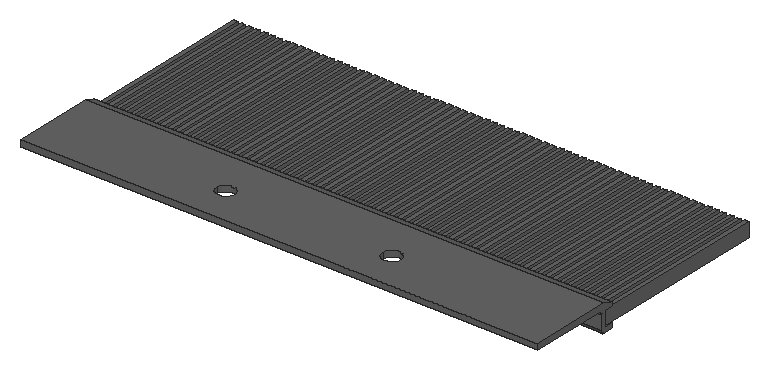
Revit family "Eurolan_Щеточный ввод", category Устройства связи, Revit 2019
Family settings
  Сохранять ориентацию аннотаций = Нет
  Размер круглого соединителя = Использовать диаметр
  Тип детали = Нормальный
  На основе рабочей плоскости = Нет
  Всегда вертикально = Да
  При загрузке вырезать с полостями = Нет
  Общий = Нет
  Точка расчета площади = Нет
Parameters (values of type "Щеточный ввод 100 × 140 мм_черный")
  Выбор_графики = Щеточный ввод 100 × 140 мм, черный : Щеточный ввод 100 × 140 мм, черный
  ADSK_Примечание = ""
  ADSK_Позиция = ""
  ADSK_Наименование краткое = "Щеточный ввод"
  ADSK_Наименование = "Щеточный ввод 100 × 140 мм, черный"
  ADSK_Материал = RAL9005
  ADSK_Масса = 0.5
  ADSK_Марка = ""
  ADSK_Количество = 1  # constant formula
  ADSK_Код изделия = "60A-35-10-94BL"
  ADSK_Завод-изготовитель = "Eurolan"  # constant formula
  ADSK_Единица измерения = "шт"  # constant formula
Types (4, lengths in mm): name | Выбор_графики | ADSK_Наименование | ADSK_Масса | ADSK_Код изделия
  (no name) | Щеточный ввод 100 × 140 мм, черный : Щеточный ввод 100 × 140 мм, черный | "Щеточный ввод 100 × 140 мм, черный" | 0.5 | "60A-35-10-94BL"
  Щеточный ввод_черный | Щеточный ввод_черный : Щеточный ввод_черный | "Щеточный ввод, черный" | 0.8 | "60A-35-10-30BL"
  Щеточный ввод 100 × 140 мм_черный | Щеточный ввод 100 × 140 мм, черный : Щеточный ввод 100 × 140 мм, черный | "Щеточный ввод 100 × 140 мм, черный" | 0.5 | "60A-35-10-94BL"
  Щеточный ввод_серия N2000_черный | Щеточный ввод серия N2000 черный : Щеточный ввод серия N2000 черный | "Щеточный ввод, серия N2000, черный" | 0.09 | "60A-35-10-21BL"
Reference planes
  plane 1 "По центру (Вперед/Назад)": y = 0
  plane 2: z = 0
  plane 3 "По центру (Влево/Вправо)": x = 0
Dimensions and locks
  aligned and locked: level to plane 2
Nested families
  nested 1: "Щеточный ввод 100 × 140 мм, черный" at (0, 0, 0), type <- "Выбор_графики", type "Щеточный ввод 100 × 140 мм, черный"
Definition of nested family "Щеточный ввод 100 × 140 мм, черный"
  Parameters (values of type "Щеточный ввод 100 × 140 мм, черный")
    Ширина_1 = 406 mm
    Ширина = 140 mm
    Глубина = 71.366 mm
    Высота = 13.105 mm
    ADSK_Материал = none
  Reference planes
    plane 1 "По центру (Вперед/Назад)": y = 0
    plane 2: z = 0
    plane 3 "По центру (Влево/Вправо)": x = 0
    plane 4: z = -6.553
    plane 5: x = -70
    plane 6: x = 70
    plane 7: y = 71.366
    plane 8: z = 7.3
    plane 9: x = -203
    plane 10: x = 203
    plane 11: y = 10
  Forms (mm)
    Extrusion 1, void
      sketch origin (0, 0, 0) x (1, 0, 0) y (0, 1, 0)
        loop
          circle (-22.456, 10) r 2.5
        loop
          circle (22.456, 10) r 2.5
      from 6.546 to 8.046
    Extrusion 2, solid, material <- "ADSK_Материал", detail levels coarse
      sketch origin (0, 0, 0) x (1, 0, 0) y (0, 1, 0)
        loop
          line (-70, 71.366) -> (-70, 0) -> (70, 0) -> (70, 71.366) -> (-70, 71.366)
      from 0.746 to 8.046
    Extrusion 3, solid, material <- "ADSK_Материал", detail levels medium
      sketch origin (0, 0.538, 0) x (1, 0, 0) y (0, 1, 0)
        loop
          line (-70, 70.828) -> (-70, 22.185) -> (70, 22.185) -> (70, 70.828) -> (-70, 70.828)
      from 2.059 to 5.987
    Extrusion 4, solid, material <- "ADSK_Материал", detail levels fine
      sketch origin (0, 0, 8.046) x (0, 1, 0) y (0, 0, 1)
        loop
          line (0, 0) -> (0, -1.5) -> (20.387, -1.5)
          arc (20.387, -1.5) -> (21.099, -1.795) -> (21.394, -2.507) r 1.007
          line (21.394, -2.507) -> (21.394, -6.366)
          arc (21.394, -6.366) -> (21.668, -7.026) -> (22.328, -7.3) r 0.934
          line (22.328, -7.3) -> (25, -7.3) -> (25, -5.987) -> (22.344, -5.987) -> (22.344, -1.987) -> (25, -1.987) -> (25, -1) -> (22.185, 0) -> (0, 0)
      from -70 to 70
    Extrusion 5, solid, material <- "ADSK_Материал", detail levels medium
      sketch origin (0, 0, 8.046) x (0, 1, 0) y (0, 0, 1)
        loop
          line (0, -1.5) -> (20.387, -1.5)
          arc (20.387, -1.5) -> (21.099, -1.795) -> (21.394, -2.507) r 1.007
          line (21.394, -2.507) -> (21.394, -6.366)
          arc (21.394, -6.366) -> (21.668, -7.026) -> (22.328, -7.3) r 0.934
          line (22.328, -7.3) -> (25, -7.3) -> (25, -5.987) -> (22.723, -5.987) -> (22.723, -2.082) -> (25, -2.082) -> (25, -1) -> (22.185, 0) -> (0, 0) -> (0, -1.5)
      from -70 to 70
  Cuts and joins
    Extrusion 1 cuts Extrusion 4
  Dimensions and locks
    level to plane 4 = 6.553 mm
    equal spacing: plane 6, plane 3 "По центру (Влево/Вправо)", plane 5
    "Ширина": plane 6 to plane 5
    "Глубина": plane 7 to plane 1 "По центру (Вперед/Назад)"
    equal spacing: plane 9, plane 3 "По центру (Влево/Вправо)", plane 10
    "Ширина_1": plane 9 to plane 10
    plane 7 to plane 11 = 61.366 mm
    plane 6 to plane 10 = 133 mm
    plane 9 to plane 5 = 133 mm
    Extrusion 2 to Extrusion 2 = 71.366 mm
    plane 1 "По центру (Вперед/Назад)" to plane 7 = 71.366 mm
    aligned and locked: level to plane 2
  Automatic sketch dimensions
    Extrusion 1 sketch curve to plane 11 = 0 mm  (x2)
    Extrusion 1 sketch curve to plane 3 "По центру (Влево/Вправо)" = 22.456 mm
    plane 3 "По центру (Влево/Вправо)" to Extrusion 1 sketch curve = 22.456 mm
    plane 1 "По центру (Вперед/Назад)" to Extrusion 2 sketch curve = 0 mm
    Extrusion 2 sketch curve to plane 5 = 0 mm
    Extrusion 2 sketch curve to plane 6 = 0 mm
    Extrusion 2 sketch curve to plane 7 = 0 mm
    Extrusion 3 sketch curve to plane 5 = 0 mm
    Extrusion 3 sketch curve to plane 6 = 0 mm
    Extrusion 3 sketch curve to plane 7 = 0 mm
    plane 11 to Extrusion 3 sketch curve = 12.723 mm
    Extrusion 4 sketch curve to plane 1 "По центру (Вперед/Назад)" = 0 mm
    plane 8 to Extrusion 4 sketch curve = 1.761 mm
    Extrusion 4 sketch curve to plane 11 = 10.387 mm
    Extrusion 4 sketch curve to Extrusion 4 sketch curve = 1.007 mm
    Extrusion 4 sketch curve to plane 8 = 0.746 mm
    Extrusion 4 sketch curve to Extrusion 4 sketch curve = 1.797 mm
    Extrusion 4 sketch curve to Extrusion 4 sketch curve = 0.934 mm
    Extrusion 4 sketch curve to Extrusion 4 sketch curve = 0.95 mm
    plane 8 to Extrusion 4 sketch curve = 0.254 mm
    Extrusion 4 sketch curve to Extrusion 4 sketch curve = 2.656 mm  (x2)
    Extrusion 4 sketch curve to Extrusion 4 sketch curve = 0.52 mm
    Extrusion 4 sketch curve to level = 2.059 mm
    Extrusion 4 sketch curve to Extrusion 4 sketch curve = 0.379 mm
    Extrusion 5 sketch curve to plane 1 "По центру (Вперед/Назад)" = 0 mm
    plane 8 to Extrusion 5 sketch curve = 6.554 mm
    plane 8 to Extrusion 5 sketch curve = 1.761 mm
    Extrusion 5 sketch curve to plane 11 = 10.387 mm
    Extrusion 5 sketch curve to Extrusion 5 sketch curve = 1.007 mm
    Extrusion 5 sketch curve to Extrusion 5 sketch curve = 1.797 mm
    plane 8 to Extrusion 5 sketch curve = 5.62 mm
    Extrusion 5 sketch curve to Extrusion 5 sketch curve = 0.394 mm
    Extrusion 5 sketch curve to Extrusion 5 sketch curve = 2.277 mm  (x2)
    Extrusion 5 sketch curve to Extrusion 5 sketch curve = 1.507 mm
    Extrusion 5 sketch curve to Extrusion 5 sketch curve = 1.5 mm
    Extrusion 5 sketch curve to Extrusion 5 sketch curve = 1.082 mm
    Extrusion 5 sketch curve to Extrusion 5 sketch curve = 0.379 mm
    radius of Extrusion 1 sketch curve = 2.5 mm  (x2)
  Nested families
    nested 1: "Щетка_140" at (0, 22.344, -2.441), type "Щетка_140", detail levels fine
  Definition of nested family "Щетка_140"
    Parameters (values of type "Щетка_140")
      Ширина = 140 mm
      Глубина = 695.851 mm
      Высота = 240 mm
      ADSK_Материал = none
    Reference planes
      plane 1 "По центру (Вперед/Назад)": y = 0
      plane 2: z = 0
      plane 3 "По центру (Влево/Вправо)": x = 0
      plane 4: z = 120
      plane 5: z = -120
      plane 6: x = -70
      plane 7: x = 70
      plane 8: y = 695.851
    Forms (mm)
      Extrusion 1, solid, material <- "ADSK_Материал"
        sketch origin (30.228, -22.723, 0) x (1, 0, 0) y (0, 1, 0)
          loop
            line (-99.568, 22.723) -> (-98.528, 22.723) -> (-98.528, 71.723) -> (-99.568, 71.723) -> (-99.568, 22.723)
        from 4.5 to 8.5
      Extrusion 2, solid, material <- "ADSK_Материал"
        sketch origin (34.228, -22.723, 0) x (1, 0, 0) y (0, 1, 0)
          loop
            line (-101.568, 22.723) -> (-100.528, 22.723) -> (-100.528, 71.723) -> (-101.568, 71.723) -> (-101.568, 22.723)
          loop
            line (-99.568, 22.723) -> (-98.528, 22.723) -> (-98.528, 71.723) -> (-99.568, 71.723) -> (-99.568, 22.723)
        from 4.5 to 8.5
      Extrusion 3, solid, material <- "ADSK_Материал"
        sketch origin (38.228, -22.723, 0) x (1, 0, 0) y (0, 1, 0)
          loop
            line (-101.568, 22.723) -> (-100.528, 22.723) -> (-100.528, 71.723) -> (-101.568, 71.723) -> (-101.568, 22.723)
          loop
            line (-99.568, 22.723) -> (-98.528, 22.723) -> (-98.528, 71.723) -> (-99.568, 71.723) -> (-99.568, 22.723)
        from 4.5 to 8.5
      Extrusion 4, solid, material <- "ADSK_Материал"
        sketch origin (42.228, -22.723, 0) x (1, 0, 0) y (0, 1, 0)
          loop
            line (-101.568, 22.723) -> (-100.528, 22.723) -> (-100.528, 71.723) -> (-101.568, 71.723) -> (-101.568, 22.723)
          loop
            line (-99.568, 22.723) -> (-98.528, 22.723) -> (-98.528, 71.723) -> (-99.568, 71.723) -> (-99.568, 22.723)
        from 4.5 to 8.5
      Extrusion 5, solid, material <- "ADSK_Материал"
        sketch origin (46.228, -22.723, 0) x (1, 0, 0) y (0, 1, 0)
          loop
            line (-101.568, 22.723) -> (-100.528, 22.723) -> (-100.528, 71.723) -> (-101.568, 71.723) -> (-101.568, 22.723)
          loop
            line (-99.568, 22.723) -> (-98.528, 22.723) -> (-98.528, 71.723) -> (-99.568, 71.723) -> (-99.568, 22.723)
        from 4.5 to 8.5
      Extrusion 6, solid, material <- "ADSK_Материал"
        sketch origin (50.228, -22.723, 0) x (1, 0, 0) y (0, 1, 0)
          loop
            line (-101.568, 22.723) -> (-100.528, 22.723) -> (-100.528, 71.723) -> (-101.568, 71.723) -> (-101.568, 22.723)
          loop
            line (-99.568, 22.723) -> (-98.528, 22.723) -> (-98.528, 71.723) -> (-99.568, 71.723) -> (-99.568, 22.723)
        from 4.5 to 8.5
      Extrusion 7, solid, material <- "ADSK_Материал"
        sketch origin (54.228, -22.723, 0) x (1, 0, 0) y (0, 1, 0)
          loop
            line (-101.568, 22.723) -> (-100.528, 22.723) -> (-100.528, 71.723) -> (-101.568, 71.723) -> (-101.568, 22.723)
          loop
            line (-99.568, 22.723) -> (-98.528, 22.723) -> (-98.528, 71.723) -> (-99.568, 71.723) -> (-99.568, 22.723)
        from 4.5 to 8.5
      Extrusion 8, solid, material <- "ADSK_Материал"
        sketch origin (58.228, -22.723, 0) x (1, 0, 0) y (0, 1, 0)
          loop
            line (-101.568, 22.723) -> (-100.528, 22.723) -> (-100.528, 71.723) -> (-101.568, 71.723) -> (-101.568, 22.723)
          loop
            line (-99.568, 22.723) -> (-98.528, 22.723) -> (-98.528, 71.723) -> (-99.568, 71.723) -> (-99.568, 22.723)
        from 4.5 to 8.5
      Extrusion 9, solid, material <- "ADSK_Материал"
        sketch origin (62.228, -22.723, 0) x (1, 0, 0) y (0, 1, 0)
          loop
            line (-101.568, 22.723) -> (-100.528, 22.723) -> (-100.528, 71.723) -> (-101.568, 71.723) -> (-101.568, 22.723)
          loop
            line (-99.568, 22.723) -> (-98.528, 22.723) -> (-98.528, 71.723) -> (-99.568, 71.723) -> (-99.568, 22.723)
        from 4.5 to 8.5
      Extrusion 10, solid, material <- "ADSK_Материал"
        sketch origin (66.228, -22.723, 0) x (1, 0, 0) y (0, 1, 0)
          loop
            line (-101.568, 22.723) -> (-100.528, 22.723) -> (-100.528, 71.723) -> (-101.568, 71.723) -> (-101.568, 22.723)
          loop
            line (-99.568, 22.723) -> (-98.528, 22.723) -> (-98.528, 71.723) -> (-99.568, 71.723) -> (-99.568, 22.723)
        from 4.5 to 8.5
      Extrusion 11, solid, material <- "ADSK_Материал"
        sketch origin (70.228, -22.723, 0) x (1, 0, 0) y (0, 1, 0)
          loop
            line (-101.568, 22.723) -> (-100.528, 22.723) -> (-100.528, 71.723) -> (-101.568, 71.723) -> (-101.568, 22.723)
          loop
            line (-99.568, 22.723) -> (-98.528, 22.723) -> (-98.528, 71.723) -> (-99.568, 71.723) -> (-99.568, 22.723)
        from 4.5 to 8.5
      Extrusion 12, solid, material <- "ADSK_Материал"
        sketch origin (74.228, -22.723, 0) x (1, 0, 0) y (0, 1, 0)
          loop
            line (-101.568, 22.723) -> (-100.528, 22.723) -> (-100.528, 71.723) -> (-101.568, 71.723) -> (-101.568, 22.723)
          loop
            line (-99.568, 22.723) -> (-98.528, 22.723) -> (-98.528, 71.723) -> (-99.568, 71.723) -> (-99.568, 22.723)
        from 4.5 to 8.5
      Extrusion 13, solid, material <- "ADSK_Материал"
        sketch origin (78.228, -22.723, 0) x (1, 0, 0) y (0, 1, 0)
          loop
            line (-101.568, 22.723) -> (-100.528, 22.723) -> (-100.528, 71.723) -> (-101.568, 71.723) -> (-101.568, 22.723)
          loop
            line (-99.568, 22.723) -> (-98.528, 22.723) -> (-98.528, 71.723) -> (-99.568, 71.723) -> (-99.568, 22.723)
        from 4.5 to 8.5
      Extrusion 14, solid, material <- "ADSK_Материал"
        sketch origin (82.228, -22.723, 0) x (1, 0, 0) y (0, 1, 0)
          loop
            line (-101.568, 22.723) -> (-100.528, 22.723) -> (-100.528, 71.723) -> (-101.568, 71.723) -> (-101.568, 22.723)
          loop
            line (-99.568, 22.723) -> (-98.528, 22.723) -> (-98.528, 71.723) -> (-99.568, 71.723) -> (-99.568, 22.723)
        from 4.5 to 8.5
      Extrusion 15, solid, material <- "ADSK_Материал"
        sketch origin (86.228, -22.723, 0) x (1, 0, 0) y (0, 1, 0)
          loop
            line (-101.568, 22.723) -> (-100.528, 22.723) -> (-100.528, 71.723) -> (-101.568, 71.723) -> (-101.568, 22.723)
          loop
            line (-99.568, 22.723) -> (-98.528, 22.723) -> (-98.528, 71.723) -> (-99.568, 71.723) -> (-99.568, 22.723)
        from 4.5 to 8.5
      Extrusion 16, solid, material <- "ADSK_Материал"
        sketch origin (90.228, -22.723, 0) x (1, 0, 0) y (0, 1, 0)
          loop
            line (-101.568, 22.723) -> (-100.528, 22.723) -> (-100.528, 71.723) -> (-101.568, 71.723) -> (-101.568, 22.723)
          loop
            line (-99.568, 22.723) -> (-98.528, 22.723) -> (-98.528, 71.723) -> (-99.568, 71.723) -> (-99.568, 22.723)
        from 4.5 to 8.5
      Extrusion 17, solid, material <- "ADSK_Материал"
        sketch origin (94.228, -22.723, 0) x (1, 0, 0) y (0, 1, 0)
          loop
            line (-101.568, 22.723) -> (-100.528, 22.723) -> (-100.528, 71.723) -> (-101.568, 71.723) -> (-101.568, 22.723)
          loop
            line (-99.568, 22.723) -> (-98.528, 22.723) -> (-98.528, 71.723) -> (-99.568, 71.723) -> (-99.568, 22.723)
        from 4.5 to 8.5
      Extrusion 18, solid, material <- "ADSK_Материал"
        sketch origin (98.228, -22.723, 0) x (1, 0, 0) y (0, 1, 0)
          loop
            line (-101.568, 22.723) -> (-100.528, 22.723) -> (-100.528, 71.723) -> (-101.568, 71.723) -> (-101.568, 22.723)
          loop
            line (-99.568, 22.723) -> (-98.528, 22.723) -> (-98.528, 71.723) -> (-99.568, 71.723) -> (-99.568, 22.723)
        from 4.5 to 8.5
      Extrusion 19, solid, material <- "ADSK_Материал"
        sketch origin (102.228, -22.723, 0) x (1, 0, 0) y (0, 1, 0)
          loop
            line (-101.568, 22.723) -> (-100.528, 22.723) -> (-100.528, 71.723) -> (-101.568, 71.723) -> (-101.568, 22.723)
          loop
            line (-99.568, 22.723) -> (-98.528, 22.723) -> (-98.528, 71.723) -> (-99.568, 71.723) -> (-99.568, 22.723)
        from 4.5 to 8.5
      Extrusion 20, solid, material <- "ADSK_Материал"
        sketch origin (106.228, -22.723, 0) x (1, 0, 0) y (0, 1, 0)
          loop
            line (-101.568, 22.723) -> (-100.528, 22.723) -> (-100.528, 71.723) -> (-101.568, 71.723) -> (-101.568, 22.723)
          loop
            line (-99.568, 22.723) -> (-98.528, 22.723) -> (-98.528, 71.723) -> (-99.568, 71.723) -> (-99.568, 22.723)
        from 4.5 to 8.5
      Extrusion 21, solid, material <- "ADSK_Материал"
        sketch origin (110.228, -22.723, 0) x (1, 0, 0) y (0, 1, 0)
          loop
            line (-101.568, 22.723) -> (-100.528, 22.723) -> (-100.528, 71.723) -> (-101.568, 71.723) -> (-101.568, 22.723)
          loop
            line (-99.568, 22.723) -> (-98.528, 22.723) -> (-98.528, 71.723) -> (-99.568, 71.723) -> (-99.568, 22.723)
        from 4.5 to 8.5
      Extrusion 22, solid, material <- "ADSK_Материал"
        sketch origin (114.228, -22.723, 0) x (1, 0, 0) y (0, 1, 0)
          loop
            line (-101.568, 22.723) -> (-100.528, 22.723) -> (-100.528, 71.723) -> (-101.568, 71.723) -> (-101.568, 22.723)
          loop
            line (-99.568, 22.723) -> (-98.528, 22.723) -> (-98.528, 71.723) -> (-99.568, 71.723) -> (-99.568, 22.723)
        from 4.5 to 8.5
      Extrusion 23, solid, material <- "ADSK_Материал"
        sketch origin (118.228, -22.723, 0) x (1, 0, 0) y (0, 1, 0)
          loop
            line (-101.568, 22.723) -> (-100.528, 22.723) -> (-100.528, 71.723) -> (-101.568, 71.723) -> (-101.568, 22.723)
          loop
            line (-99.568, 22.723) -> (-98.528, 22.723) -> (-98.528, 71.723) -> (-99.568, 71.723) -> (-99.568, 22.723)
        from 4.5 to 8.5
      Extrusion 24, solid, material <- "ADSK_Материал"
        sketch origin (122.228, -22.723, 0) x (1, 0, 0) y (0, 1, 0)
          loop
            line (-101.568, 22.723) -> (-100.528, 22.723) -> (-100.528, 71.723) -> (-101.568, 71.723) -> (-101.568, 22.723)
          loop
            line (-99.568, 22.723) -> (-98.528, 22.723) -> (-98.528, 71.723) -> (-99.568, 71.723) -> (-99.568, 22.723)
        from 4.5 to 8.5
      Extrusion 25, solid, material <- "ADSK_Материал"
        sketch origin (126.228, -22.723, 0) x (1, 0, 0) y (0, 1, 0)
          loop
            line (-101.568, 22.723) -> (-100.528, 22.723) -> (-100.528, 71.723) -> (-101.568, 71.723) -> (-101.568, 22.723)
          loop
            line (-99.568, 22.723) -> (-98.528, 22.723) -> (-98.528, 71.723) -> (-99.568, 71.723) -> (-99.568, 22.723)
        from 4.5 to 8.5
      Extrusion 26, solid, material <- "ADSK_Материал"
        sketch origin (130.228, -22.723, 0) x (1, 0, 0) y (0, 1, 0)
          loop
            line (-101.568, 22.723) -> (-100.528, 22.723) -> (-100.528, 71.723) -> (-101.568, 71.723) -> (-101.568, 22.723)
          loop
            line (-99.568, 22.723) -> (-98.528, 22.723) -> (-98.528, 71.723) -> (-99.568, 71.723) -> (-99.568, 22.723)
        from 4.5 to 8.5
      Extrusion 27, solid, material <- "ADSK_Материал"
        sketch origin (134.228, -22.723, 0) x (1, 0, 0) y (0, 1, 0)
          loop
            line (-101.568, 22.723) -> (-100.528, 22.723) -> (-100.528, 71.723) -> (-101.568, 71.723) -> (-101.568, 22.723)
          loop
            line (-99.568, 22.723) -> (-98.528, 22.723) -> (-98.528, 71.723) -> (-99.568, 71.723) -> (-99.568, 22.723)
        from 4.5 to 8.5
      Extrusion 28, solid, material <- "ADSK_Материал"
        sketch origin (138.228, -22.723, 0) x (1, 0, 0) y (0, 1, 0)
          loop
            line (-101.568, 22.723) -> (-100.528, 22.723) -> (-100.528, 71.723) -> (-101.568, 71.723) -> (-101.568, 22.723)
          loop
            line (-99.568, 22.723) -> (-98.528, 22.723) -> (-98.528, 71.723) -> (-99.568, 71.723) -> (-99.568, 22.723)
        from 4.5 to 8.5
      Extrusion 29, solid, material <- "ADSK_Материал"
        sketch origin (142.228, -22.723, 0) x (1, 0, 0) y (0, 1, 0)
          loop
            line (-101.568, 22.723) -> (-100.528, 22.723) -> (-100.528, 71.723) -> (-101.568, 71.723) -> (-101.568, 22.723)
          loop
            line (-99.568, 22.723) -> (-98.528, 22.723) -> (-98.528, 71.723) -> (-99.568, 71.723) -> (-99.568, 22.723)
        from 4.5 to 8.5
      Extrusion 30, solid, material <- "ADSK_Материал"
        sketch origin (146.228, -22.723, 0) x (1, 0, 0) y (0, 1, 0)
          loop
            line (-101.568, 22.723) -> (-100.528, 22.723) -> (-100.528, 71.723) -> (-101.568, 71.723) -> (-101.568, 22.723)
          loop
            line (-99.568, 22.723) -> (-98.528, 22.723) -> (-98.528, 71.723) -> (-99.568, 71.723) -> (-99.568, 22.723)
        from 4.5 to 8.5
      Extrusion 31, solid, material <- "ADSK_Материал"
        sketch origin (150.228, -22.723, 0) x (1, 0, 0) y (0, 1, 0)
          loop
            line (-101.568, 22.723) -> (-100.528, 22.723) -> (-100.528, 71.723) -> (-101.568, 71.723) -> (-101.568, 22.723)
          loop
            line (-99.568, 22.723) -> (-98.528, 22.723) -> (-98.528, 71.723) -> (-99.568, 71.723) -> (-99.568, 22.723)
        from 4.5 to 8.5
      Extrusion 32, solid, material <- "ADSK_Материал"
        sketch origin (154.228, -22.723, 0) x (1, 0, 0) y (0, 1, 0)
          loop
            line (-101.568, 22.723) -> (-100.528, 22.723) -> (-100.528, 71.723) -> (-101.568, 71.723) -> (-101.568, 22.723)
          loop
            line (-99.568, 22.723) -> (-98.528, 22.723) -> (-98.528, 71.723) -> (-99.568, 71.723) -> (-99.568, 22.723)
        from 4.5 to 8.5
      Extrusion 33, solid, material <- "ADSK_Материал"
        sketch origin (158.228, -22.723, 0) x (1, 0, 0) y (0, 1, 0)
          loop
            line (-101.568, 22.723) -> (-100.528, 22.723) -> (-100.528, 71.723) -> (-101.568, 71.723) -> (-101.568, 22.723)
          loop
            line (-99.568, 22.723) -> (-98.528, 22.723) -> (-98.528, 71.723) -> (-99.568, 71.723) -> (-99.568, 22.723)
        from 4.5 to 8.5
      Extrusion 34, solid, material <- "ADSK_Материал"
        sketch origin (162.228, -22.723, 0) x (1, 0, 0) y (0, 1, 0)
          loop
            line (-101.568, 22.723) -> (-100.528, 22.723) -> (-100.528, 71.723) -> (-101.568, 71.723) -> (-101.568, 22.723)
          loop
            line (-99.568, 22.723) -> (-98.528, 22.723) -> (-98.528, 71.723) -> (-99.568, 71.723) -> (-99.568, 22.723)
        from 4.5 to 8.5
      Extrusion 35, solid, material <- "ADSK_Материал"
        sketch origin (166.228, -22.723, 0) x (1, 0, 0) y (0, 1, 0)
          loop
            line (-101.568, 22.723) -> (-100.528, 22.723) -> (-100.528, 71.723) -> (-101.568, 71.723) -> (-101.568, 22.723)
          loop
            line (-99.568, 22.723) -> (-98.528, 22.723) -> (-98.528, 71.723) -> (-99.568, 71.723) -> (-99.568, 22.723)
        from 4.5 to 8.5
      Extrusion 36, solid, material <- "ADSK_Материал"
        sketch origin (170.228, -22.723, -0.244) x (1, 0, 0) y (0, 1, 0)
          loop
            line (-101.568, 22.723) -> (-100.528, 22.723) -> (-100.528, 71.723) -> (-101.568, 71.723) -> (-101.568, 22.723)
        from 4.744 to 8.744
    Dimensions and locks
      equal spacing: plane 4, level, plane 5
      "Высота": plane 4 to plane 5
      equal spacing: plane 7, plane 3 "По центру (Влево/Вправо)", plane 6
      "Ширина": plane 7 to plane 6
      "Глубина": plane 8 to plane 1 "По центру (Вперед/Назад)"
      Extrusion 36 to Extrusion 36 = 4 mm
      aligned and locked: level to plane 2
    Automatic sketch dimensions
      plane 1 "По центру (Вперед/Назад)" to Extrusion 1 sketch curve = 0 mm
      Extrusion 1 sketch curve to Extrusion 1 sketch curve = 1.039 mm
      plane 1 "По центру (Вперед/Назад)" to Extrusion 2 sketch curve = 0 mm  (x2)
      Extrusion 2 sketch curve to plane 3 "По центру (Влево/Вправо)" = 67.34 mm
      Extrusion 2 sketch curve to Extrusion 2 sketch curve = 1.039 mm  (x2)
      Extrusion 2 sketch curve to Extrusion 2 sketch curve = 0.961 mm
      Extrusion 2 sketch curve to plane 1 "По центру (Вперед/Назад)" = 49 mm
      Extrusion 2 sketch curve to Extrusion 2 sketch curve = 0 mm
      plane 1 "По центру (Вперед/Назад)" to Extrusion 3 sketch curve = 0 mm  (x2)
      Extrusion 3 sketch curve to plane 3 "По центру (Влево/Вправо)" = 63.34 mm
      Extrusion 3 sketch curve to Extrusion 3 sketch curve = 1.039 mm  (x2)
      Extrusion 3 sketch curve to Extrusion 3 sketch curve = 0.961 mm
      Extrusion 3 sketch curve to plane 1 "По центру (Вперед/Назад)" = 49 mm
      Extrusion 3 sketch curve to Extrusion 3 sketch curve = 0 mm
      plane 1 "По центру (Вперед/Назад)" to Extrusion 4 sketch curve = 0 mm  (x2)
      Extrusion 4 sketch curve to plane 3 "По центру (Влево/Вправо)" = 59.34 mm
      Extrusion 4 sketch curve to Extrusion 4 sketch curve = 1.039 mm  (x2)
      Extrusion 4 sketch curve to Extrusion 4 sketch curve = 0.961 mm
      Extrusion 4 sketch curve to plane 1 "По центру (Вперед/Назад)" = 49 mm
      Extrusion 4 sketch curve to Extrusion 4 sketch curve = 0 mm
      plane 1 "По центру (Вперед/Назад)" to Extrusion 5 sketch curve = 0 mm  (x2)
      Extrusion 5 sketch curve to plane 3 "По центру (Влево/Вправо)" = 55.34 mm
      Extrusion 5 sketch curve to Extrusion 5 sketch curve = 1.039 mm  (x2)
      Extrusion 5 sketch curve to Extrusion 5 sketch curve = 0.961 mm
      Extrusion 5 sketch curve to plane 1 "По центру (Вперед/Назад)" = 49 mm
      Extrusion 5 sketch curve to Extrusion 5 sketch curve = 0 mm
      plane 1 "По центру (Вперед/Назад)" to Extrusion 6 sketch curve = 0 mm  (x2)
      Extrusion 6 sketch curve to plane 3 "По центру (Влево/Вправо)" = 51.34 mm
      Extrusion 6 sketch curve to Extrusion 6 sketch curve = 1.039 mm  (x2)
      Extrusion 6 sketch curve to Extrusion 6 sketch curve = 0.961 mm
      Extrusion 6 sketch curve to plane 1 "По центру (Вперед/Назад)" = 49 mm
      Extrusion 6 sketch curve to Extrusion 6 sketch curve = 0 mm
      plane 1 "По центру (Вперед/Назад)" to Extrusion 7 sketch curve = 0 mm  (x2)
      Extrusion 7 sketch curve to plane 3 "По центру (Влево/Вправо)" = 47.34 mm
      Extrusion 7 sketch curve to Extrusion 7 sketch curve = 1.039 mm  (x2)
      Extrusion 7 sketch curve to Extrusion 7 sketch curve = 0.961 mm
      Extrusion 7 sketch curve to plane 1 "По центру (Вперед/Назад)" = 49 mm
      Extrusion 7 sketch curve to Extrusion 7 sketch curve = 0 mm
      plane 1 "По центру (Вперед/Назад)" to Extrusion 8 sketch curve = 0 mm  (x2)
      Extrusion 8 sketch curve to plane 3 "По центру (Влево/Вправо)" = 43.34 mm
      Extrusion 8 sketch curve to Extrusion 8 sketch curve = 1.039 mm  (x2)
      Extrusion 8 sketch curve to Extrusion 8 sketch curve = 0.961 mm
      Extrusion 8 sketch curve to plane 1 "По центру (Вперед/Назад)" = 49 mm
      Extrusion 8 sketch curve to Extrusion 8 sketch curve = 0 mm
      plane 1 "По центру (Вперед/Назад)" to Extrusion 9 sketch curve = 0 mm  (x2)
      Extrusion 9 sketch curve to plane 3 "По центру (Влево/Вправо)" = 39.34 mm
      Extrusion 9 sketch curve to Extrusion 9 sketch curve = 1.039 mm  (x2)
      Extrusion 9 sketch curve to Extrusion 9 sketch curve = 0.961 mm
      Extrusion 9 sketch curve to plane 1 "По центру (Вперед/Назад)" = 49 mm
      Extrusion 9 sketch curve to Extrusion 9 sketch curve = 0 mm
      plane 1 "По центру (Вперед/Назад)" to Extrusion 10 sketch curve = 0 mm  (x2)
      Extrusion 10 sketch curve to plane 3 "По центру (Влево/Вправо)" = 35.34 mm
      Extrusion 10 sketch curve to Extrusion 10 sketch curve = 1.039 mm  (x2)
      Extrusion 10 sketch curve to Extrusion 10 sketch curve = 0.961 mm
      Extrusion 10 sketch curve to plane 1 "По центру (Вперед/Назад)" = 49 mm
      Extrusion 10 sketch curve to Extrusion 10 sketch curve = 0 mm
      plane 1 "По центру (Вперед/Назад)" to Extrusion 11 sketch curve = 0 mm  (x2)
      Extrusion 11 sketch curve to plane 3 "По центру (Влево/Вправо)" = 31.34 mm
      Extrusion 11 sketch curve to Extrusion 11 sketch curve = 1.039 mm  (x2)
      Extrusion 11 sketch curve to Extrusion 11 sketch curve = 0.961 mm
      Extrusion 11 sketch curve to plane 1 "По центру (Вперед/Назад)" = 49 mm
      Extrusion 11 sketch curve to Extrusion 11 sketch curve = 0 mm
      plane 1 "По центру (Вперед/Назад)" to Extrusion 12 sketch curve = 0 mm  (x2)
      Extrusion 12 sketch curve to plane 3 "По центру (Влево/Вправо)" = 27.34 mm
      Extrusion 12 sketch curve to Extrusion 12 sketch curve = 1.039 mm  (x2)
      Extrusion 12 sketch curve to Extrusion 12 sketch curve = 0.961 mm
      Extrusion 12 sketch curve to plane 1 "По центру (Вперед/Назад)" = 49 mm
      Extrusion 12 sketch curve to Extrusion 12 sketch curve = 0 mm
      plane 1 "По центру (Вперед/Назад)" to Extrusion 13 sketch curve = 0 mm  (x2)
      Extrusion 13 sketch curve to plane 3 "По центру (Влево/Вправо)" = 23.34 mm
      Extrusion 13 sketch curve to Extrusion 13 sketch curve = 1.039 mm  (x2)
      Extrusion 13 sketch curve to Extrusion 13 sketch curve = 0.961 mm
      Extrusion 13 sketch curve to plane 1 "По центру (Вперед/Назад)" = 49 mm
      Extrusion 13 sketch curve to Extrusion 13 sketch curve = 0 mm
      plane 1 "По центру (Вперед/Назад)" to Extrusion 14 sketch curve = 0 mm  (x2)
      Extrusion 14 sketch curve to plane 3 "По центру (Влево/Вправо)" = 19.34 mm
      Extrusion 14 sketch curve to Extrusion 14 sketch curve = 1.039 mm  (x2)
      Extrusion 14 sketch curve to Extrusion 14 sketch curve = 0.961 mm
      Extrusion 14 sketch curve to plane 1 "По центру (Вперед/Назад)" = 49 mm
      Extrusion 14 sketch curve to Extrusion 14 sketch curve = 0 mm
      plane 1 "По центру (Вперед/Назад)" to Extrusion 15 sketch curve = 0 mm  (x2)
      Extrusion 15 sketch curve to plane 3 "По центру (Влево/Вправо)" = 15.34 mm
      Extrusion 15 sketch curve to Extrusion 15 sketch curve = 1.039 mm  (x2)
      Extrusion 15 sketch curve to Extrusion 15 sketch curve = 0.961 mm
      Extrusion 15 sketch curve to plane 1 "По центру (Вперед/Назад)" = 49 mm
      Extrusion 15 sketch curve to Extrusion 15 sketch curve = 0 mm
      plane 1 "По центру (Вперед/Назад)" to Extrusion 16 sketch curve = 0 mm  (x2)
      Extrusion 16 sketch curve to plane 3 "По центру (Влево/Вправо)" = 11.34 mm
      Extrusion 16 sketch curve to Extrusion 16 sketch curve = 1.039 mm  (x2)
      Extrusion 16 sketch curve to Extrusion 16 sketch curve = 0.961 mm
      Extrusion 16 sketch curve to plane 1 "По центру (Вперед/Назад)" = 49 mm
      Extrusion 16 sketch curve to Extrusion 16 sketch curve = 0 mm
      plane 1 "По центру (Вперед/Назад)" to Extrusion 17 sketch curve = 0 mm  (x2)
      Extrusion 17 sketch curve to plane 3 "По центру (Влево/Вправо)" = 7.34 mm
      Extrusion 17 sketch curve to Extrusion 17 sketch curve = 1.039 mm  (x2)
      Extrusion 17 sketch curve to Extrusion 17 sketch curve = 0.961 mm
      Extrusion 17 sketch curve to plane 1 "По центру (Вперед/Назад)" = 49 mm
      Extrusion 17 sketch curve to Extrusion 17 sketch curve = 0 mm
      plane 1 "По центру (Вперед/Назад)" to Extrusion 18 sketch curve = 0 mm  (x2)
      Extrusion 18 sketch curve to plane 3 "По центру (Влево/Вправо)" = 3.34 mm
      Extrusion 18 sketch curve to Extrusion 18 sketch curve = 1.039 mm
      Extrusion 18 sketch curve to Extrusion 18 sketch curve = 0.961 mm
      Extrusion 18 sketch curve to plane 3 "По центру (Влево/Вправо)" = 0.3 mm
      Extrusion 18 sketch curve to plane 1 "По центру (Вперед/Назад)" = 49 mm
      Extrusion 18 sketch curve to Extrusion 18 sketch curve = 0 mm
      plane 1 "По центру (Вперед/Назад)" to Extrusion 19 sketch curve = 0 mm  (x2)
      plane 3 "По центру (Влево/Вправо)" to Extrusion 19 sketch curve = 0.66 mm
      Extrusion 19 sketch curve to Extrusion 19 sketch curve = 1.039 mm  (x2)
      Extrusion 19 sketch curve to Extrusion 19 sketch curve = 0.961 mm
      Extrusion 19 sketch curve to plane 1 "По центру (Вперед/Назад)" = 49 mm
      Extrusion 19 sketch curve to Extrusion 19 sketch curve = 0 mm
      plane 1 "По центру (Вперед/Назад)" to Extrusion 20 sketch curve = 0 mm  (x2)
      plane 3 "По центру (Влево/Вправо)" to Extrusion 20 sketch curve = 4.66 mm
      Extrusion 20 sketch curve to Extrusion 20 sketch curve = 1.039 mm  (x2)
      Extrusion 20 sketch curve to Extrusion 20 sketch curve = 0.961 mm
      Extrusion 20 sketch curve to plane 1 "По центру (Вперед/Назад)" = 49 mm
      Extrusion 20 sketch curve to Extrusion 20 sketch curve = 0 mm
      plane 1 "По центру (Вперед/Назад)" to Extrusion 21 sketch curve = 0 mm  (x2)
      plane 3 "По центру (Влево/Вправо)" to Extrusion 21 sketch curve = 8.66 mm
      Extrusion 21 sketch curve to Extrusion 21 sketch curve = 1.039 mm  (x2)
      Extrusion 21 sketch curve to Extrusion 21 sketch curve = 0.961 mm
      Extrusion 21 sketch curve to plane 1 "По центру (Вперед/Назад)" = 49 mm
      Extrusion 21 sketch curve to Extrusion 21 sketch curve = 0 mm
      plane 1 "По центру (Вперед/Назад)" to Extrusion 22 sketch curve = 0 mm  (x2)
      plane 3 "По центру (Влево/Вправо)" to Extrusion 22 sketch curve = 12.66 mm
      Extrusion 22 sketch curve to Extrusion 22 sketch curve = 1.039 mm  (x2)
      Extrusion 22 sketch curve to Extrusion 22 sketch curve = 0.961 mm
      Extrusion 22 sketch curve to plane 1 "По центру (Вперед/Назад)" = 49 mm
      Extrusion 22 sketch curve to Extrusion 22 sketch curve = 0 mm
      plane 1 "По центру (Вперед/Назад)" to Extrusion 23 sketch curve = 0 mm  (x2)
      plane 3 "По центру (Влево/Вправо)" to Extrusion 23 sketch curve = 16.66 mm
      Extrusion 23 sketch curve to Extrusion 23 sketch curve = 1.039 mm  (x2)
      Extrusion 23 sketch curve to Extrusion 23 sketch curve = 0.961 mm
      Extrusion 23 sketch curve to plane 1 "По центру (Вперед/Назад)" = 49 mm
      Extrusion 23 sketch curve to Extrusion 23 sketch curve = 0 mm
      plane 1 "По центру (Вперед/Назад)" to Extrusion 24 sketch curve = 0 mm  (x2)
      plane 3 "По центру (Влево/Вправо)" to Extrusion 24 sketch curve = 20.66 mm
      Extrusion 24 sketch curve to Extrusion 24 sketch curve = 1.039 mm  (x2)
      Extrusion 24 sketch curve to Extrusion 24 sketch curve = 0.961 mm
      Extrusion 24 sketch curve to plane 1 "По центру (Вперед/Назад)" = 49 mm
      Extrusion 24 sketch curve to Extrusion 24 sketch curve = 0 mm
      plane 1 "По центру (Вперед/Назад)" to Extrusion 25 sketch curve = 0 mm  (x2)
      plane 3 "По центру (Влево/Вправо)" to Extrusion 25 sketch curve = 24.66 mm
      Extrusion 25 sketch curve to Extrusion 25 sketch curve = 1.039 mm  (x2)
      Extrusion 25 sketch curve to Extrusion 25 sketch curve = 0.961 mm
      Extrusion 25 sketch curve to plane 1 "По центру (Вперед/Назад)" = 49 mm
      Extrusion 25 sketch curve to Extrusion 25 sketch curve = 0 mm
      plane 1 "По центру (Вперед/Назад)" to Extrusion 26 sketch curve = 0 mm  (x2)
      plane 3 "По центру (Влево/Вправо)" to Extrusion 26 sketch curve = 28.66 mm
      Extrusion 26 sketch curve to Extrusion 26 sketch curve = 1.039 mm  (x2)
      Extrusion 26 sketch curve to Extrusion 26 sketch curve = 0.961 mm
      Extrusion 26 sketch curve to plane 1 "По центру (Вперед/Назад)" = 49 mm
      Extrusion 26 sketch curve to Extrusion 26 sketch curve = 0 mm
      plane 1 "По центру (Вперед/Назад)" to Extrusion 27 sketch curve = 0 mm  (x2)
      plane 3 "По центру (Влево/Вправо)" to Extrusion 27 sketch curve = 32.66 mm
      Extrusion 27 sketch curve to Extrusion 27 sketch curve = 1.039 mm  (x2)
      Extrusion 27 sketch curve to Extrusion 27 sketch curve = 0.961 mm
      Extrusion 27 sketch curve to plane 1 "По центру (Вперед/Назад)" = 49 mm
      Extrusion 27 sketch curve to Extrusion 27 sketch curve = 0 mm
      plane 1 "По центру (Вперед/Назад)" to Extrusion 28 sketch curve = 0 mm  (x2)
      plane 3 "По центру (Влево/Вправо)" to Extrusion 28 sketch curve = 36.66 mm
      Extrusion 28 sketch curve to Extrusion 28 sketch curve = 1.039 mm  (x2)
      Extrusion 28 sketch curve to Extrusion 28 sketch curve = 0.961 mm
      Extrusion 28 sketch curve to plane 1 "По центру (Вперед/Назад)" = 49 mm
      Extrusion 28 sketch curve to Extrusion 28 sketch curve = 0 mm
      plane 1 "По центру (Вперед/Назад)" to Extrusion 29 sketch curve = 0 mm  (x2)
      plane 3 "По центру (Влево/Вправо)" to Extrusion 29 sketch curve = 40.66 mm
      Extrusion 29 sketch curve to Extrusion 29 sketch curve = 1.039 mm  (x2)
      Extrusion 29 sketch curve to Extrusion 29 sketch curve = 0.961 mm
      Extrusion 29 sketch curve to plane 1 "По центру (Вперед/Назад)" = 49 mm
      Extrusion 29 sketch curve to Extrusion 29 sketch curve = 0 mm
      plane 1 "По центру (Вперед/Назад)" to Extrusion 30 sketch curve = 0 mm  (x2)
      plane 3 "По центру (Влево/Вправо)" to Extrusion 30 sketch curve = 44.66 mm
      Extrusion 30 sketch curve to Extrusion 30 sketch curve = 1.039 mm  (x2)
      Extrusion 30 sketch curve to Extrusion 30 sketch curve = 0.961 mm
      Extrusion 30 sketch curve to plane 1 "По центру (Вперед/Назад)" = 49 mm
      Extrusion 30 sketch curve to Extrusion 30 sketch curve = 0 mm
      plane 1 "По центру (Вперед/Назад)" to Extrusion 31 sketch curve = 0 mm  (x2)
      plane 3 "По центру (Влево/Вправо)" to Extrusion 31 sketch curve = 48.66 mm
      Extrusion 31 sketch curve to Extrusion 31 sketch curve = 1.039 mm  (x2)
      Extrusion 31 sketch curve to Extrusion 31 sketch curve = 0.961 mm
      Extrusion 31 sketch curve to plane 1 "По центру (Вперед/Назад)" = 49 mm
      Extrusion 31 sketch curve to Extrusion 31 sketch curve = 0 mm
      plane 1 "По центру (Вперед/Назад)" to Extrusion 32 sketch curve = 0 mm  (x2)
      plane 3 "По центру (Влево/Вправо)" to Extrusion 32 sketch curve = 52.66 mm
      Extrusion 32 sketch curve to Extrusion 32 sketch curve = 1.039 mm  (x2)
      Extrusion 32 sketch curve to Extrusion 32 sketch curve = 0.961 mm
      Extrusion 32 sketch curve to plane 1 "По центру (Вперед/Назад)" = 49 mm
      Extrusion 32 sketch curve to Extrusion 32 sketch curve = 0 mm
      plane 1 "По центру (Вперед/Назад)" to Extrusion 33 sketch curve = 0 mm  (x2)
      plane 3 "По центру (Влево/Вправо)" to Extrusion 33 sketch curve = 56.66 mm
      Extrusion 33 sketch curve to Extrusion 33 sketch curve = 1.039 mm  (x2)
      Extrusion 33 sketch curve to Extrusion 33 sketch curve = 0.961 mm
      Extrusion 33 sketch curve to plane 1 "По центру (Вперед/Назад)" = 49 mm
      Extrusion 33 sketch curve to Extrusion 33 sketch curve = 0 mm
      plane 1 "По центру (Вперед/Назад)" to Extrusion 34 sketch curve = 0 mm  (x2)
      plane 3 "По центру (Влево/Вправо)" to Extrusion 34 sketch curve = 60.66 mm
      Extrusion 34 sketch curve to Extrusion 34 sketch curve = 1.039 mm  (x2)
      Extrusion 34 sketch curve to Extrusion 34 sketch curve = 0.961 mm
      Extrusion 34 sketch curve to plane 1 "По центру (Вперед/Назад)" = 49 mm
      Extrusion 34 sketch curve to Extrusion 34 sketch curve = 0 mm
      plane 1 "По центру (Вперед/Назад)" to Extrusion 35 sketch curve = 0 mm  (x2)
      plane 3 "По центру (Влево/Вправо)" to Extrusion 35 sketch curve = 64.66 mm
      Extrusion 35 sketch curve to Extrusion 35 sketch curve = 1.039 mm  (x2)
      Extrusion 35 sketch curve to Extrusion 35 sketch curve = 0.961 mm
      Extrusion 35 sketch curve to plane 1 "По центру (Вперед/Назад)" = 49 mm
      Extrusion 35 sketch curve to Extrusion 35 sketch curve = 0 mm
      plane 1 "По центру (Вперед/Назад)" to Extrusion 36 sketch curve = 0 mm
      plane 3 "По центру (Влево/Вправо)" to Extrusion 36 sketch curve = 68.66 mm
      Extrusion 36 sketch curve to Extrusion 36 sketch curve = 1.039 mm
      Extrusion 36 sketch curve to plane 1 "По центру (Вперед/Назад)" = 49 mm
      Extrusion 1 sketch curve to plane 1 "По центру (Вперед/Назад)" = 49 mm
      plane 6 to Extrusion 1 sketch curve = 0.66 mm
